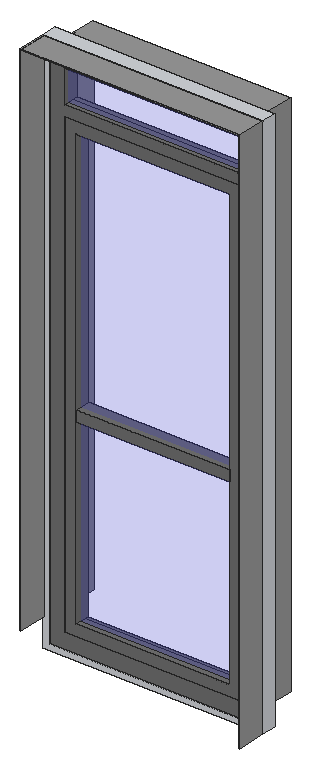
Revit family "AVLN_Балконный блок", category Окна, Revit 2021 (continued)
Definition of nested family "АС-Обозначение на плане двупольная"
  Lines and regions (mm)
    symbolic lines, visible <- "Открывание двери 30", detail levels coarse+medium
      curve 1: line (0, 0, 0) -> (-831.384, 480, 0)
    symbolic lines, visible <- "Открывание двери 90", detail levels coarse+medium
      curve 2: line (0, 0, 0) -> (0, 960, 0)
    symbolic lines, visible <- "Линия открывания (дуга)", detail levels coarse+medium
      curve 3: arc (0, 960, 0) -> (-678.823, 678.823, 0) -> (-960, 0, 0) r 960
    symbolic lines, visible <- "Линия открывания (дуга)", detail levels fine
      curve 4: arc (-960, 0, 0) -> (-696.396, 636.396, 0) -> (-60, 900, 0) r 900
    model lines
      curve 5: line (0, 0, 0) -> (0, 0, 2100)
  Dimensions and locks
    "Thickness": plane 1 "Center (Front/Back)" to plane 5 "Полотно. Внутренняя сторона"
    plane 1 "Center (Front/Back)" to plane 6 "Коробка. Внутренняя сторона" = 80 mm
    "Коробка.Толщина": plane 6 "Коробка. Внутренняя сторона" to plane 1 "Center (Front/Back)"
    "Rough Width": plane 7 "Коробка.Внутренняя сторона слева" to plane 8 "Коробка. Внутренняя сторона справа"
    "Width": curve 1 to curve 1
    "Width": plane 1 "Center (Front/Back)" to curve 2
    locked: Masking region 2 sketch curve to Masking region 2 sketch curve at 10
    "Rough Width": plane 1 "Center (Front/Back)" to Masking region 3 sketch curve
    "Thickness": Masking region 3 sketch curve to plane 8 "Коробка. Внутренняя сторона справа"
    "Rough Width": Masking region 4 sketch curve to Masking region 4 sketch curve
    "Thickness": Masking region 4 sketch curve to Masking region 4 sketch curve
    "Height": curve 5 to level
    "Монтажный зазор.Ширина сбоку": plane 4 "Полотно справа" to plane 3 "Center (Left/Right)"
    "Коробка.Ширина": plane 8 "Коробка. Внутренняя сторона справа" to plane 4 "Полотно справа"
    "Width": radius of curve 3
    "Rough Width": radius of curve 4
    locked: curve 1 to plane 1 "Center (Front/Back)" (angle 30.00°)
    locked: Masking region 4 sketch curve to plane 1 "Center (Front/Back)" (angle 30.00°)
    aligned and locked: level to plane 2
    aligned and locked: plane 1 "Center (Front/Back)" to curve 2
    aligned and locked: plane 6 "Коробка. Внутренняя сторона" to Masking region 1 sketch curve
    aligned and locked: plane 1 "Center (Front/Back)" to Masking region 1 sketch curve
    aligned and locked: plane 4 "Полотно справа" to Masking region 1 sketch curve
    aligned and locked: Masking region 2 sketch curve to plane 4 "Полотно справа"
    aligned and locked: Masking region 2 sketch curve to plane 8 "Коробка. Внутренняя сторона справа"
    aligned and locked: Masking region 2 sketch curve to plane 6 "Коробка. Внутренняя сторона"
    aligned and locked: Masking region 2 sketch curve to plane 5 "Полотно. Внутренняя сторона"
    aligned and locked: Masking region 2 sketch curve to plane 1 "Center (Front/Back)"
    aligned and locked: plane 8 "Коробка. Внутренняя сторона справа" to curve 4
    aligned and locked: Masking region 2 to Masking region 3 sketch curve
    aligned and locked: Masking region 3 sketch curve to Masking region 2
    aligned and locked: plane 8 "Коробка. Внутренняя сторона справа" to Masking region 4 sketch curve
    aligned and locked: plane 2 to curve 5
    aligned and locked: plane 3 "Center (Left/Right)" to curve 5
    aligned and locked: Masking region 1 sketch curve to plane 3 "Center (Left/Right)"
    aligned and locked: plane 3 "Center (Left/Right)" to curve 2
  Automatic sketch dimensions
    plane 1 "Center (Front/Back)" to Masking region 4 sketch curve = 0 mm
Definition of nested family "AVLN_Обозначение проема"
  Parameters (values of type "AVLN_Обозначение проема")
    Длина [instance] = 200 mm
    ADSK_Размер_Ширина [instance] = 1200 mm
    ADSK_Размер_Высота [instance] = 1800 mm
  Reference planes
    plane 1 "По центру (Вперед/Назад)": y = 0
    plane 2: z = 0
    plane 3 "По центру (Влево/Вправо)": x = 0
    plane 4: y = 900
    plane 5: y = -900
    plane 6: x = 600
    plane 7: x = -600
    plane 8: x = -400
    plane 9: y = 700
  Lines and regions (mm)
    Masking region 1, in view "Опорный уровень"
      outline origin (0, 0, 0) x (1, 0, 0) y (0, 1, 0)
        loop
          line (600, 900) -> (-400, 700) -> (-600, -900) -> (600, -900) -> (600, 900)
    Filled region 1, type "Сплошная заливка - Черный", in view "Опорный уровень"
      outline origin (0, 0, 0) x (1, 0, 0) y (0, 1, 0)
        loop
          line (600, 900) -> (-600, 900) -> (-600, -900) -> (-400, 700) -> (600, 900)
  Dimensions and locks
    equal spacing: plane 4, plane 1 "По центру (Вперед/Назад)", plane 5
    equal spacing: plane 7, plane 3 "По центру (Влево/Вправо)", plane 6
    "ADSK_Размер_Высота": plane 4 to plane 5
    "ADSK_Размер_Ширина": plane 7 to plane 6
    "Длина": plane 7 to plane 8
    "Длина": plane 4 to plane 9
    aligned and locked: plane 6 to Masking region 1 sketch curve
    aligned and locked: Masking region 1 sketch curve to plane 5
    aligned and locked: plane 4 to Filled region 1 sketch curve
    aligned and locked: Filled region 1 sketch curve to plane 7
    aligned and locked: plane 5 to Filled region 1 sketch curve
    aligned and locked: Masking region 1 sketch curve to Filled region 1  (x2)
    aligned and locked: plane 8 to Filled region 1 sketch curve
    aligned and locked: plane 9 to Filled region 1 sketch curve
  Automatic sketch dimensions
    Filled region 1 sketch curve to plane 6 = 0 mm
